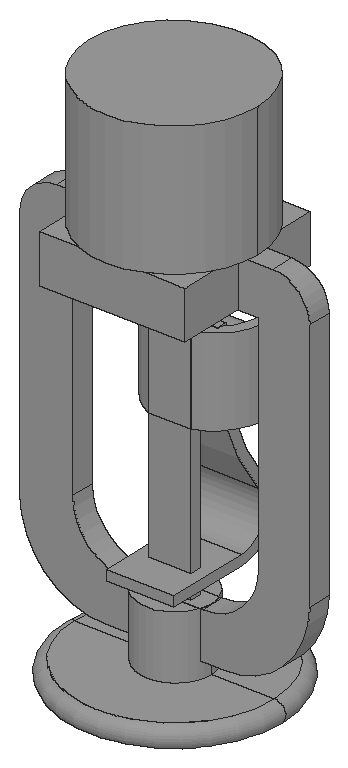
Revit family
Parameters (values of type "RASCO G PENDENT")
  Temperature Rating = 165 °F
  Response = (empty or 0)
  RASCO SIN # = "R1015"
  RASCO Part # = "GP1W"
  Pressure Rating = "175 PSI"
  Pressure Class = (empty or 0)
  Orifice Size = 1/2"
  Orifice = (empty or 0)
  Model = "G"
  Manufacturer = "RASCO"
  K-Factor = 5.62
  Description = "White Finish"
  Coverage = (empty or 0)
Reference planes (in)
  plane 1 "Center (Front/Back)": y = 0
  plane 2: z = 0
  plane 3 "Center (Left/Right)": x = 0
Dimensions and locks (in)
  aligned and locked: plane 2 to level
Nested families (in)
  nested 1: "GP1W" at (-0.0055, 0.29294, 2.875) x (-1, 0, 0) z (0, 0, -1), type "RASCO G PENDENT"
Connectors (in)
  piping at (-0.0055, 0.29294, 2.875)
    settings: on nested 1, index 1, connector radius 0.45", flow factor 0, pipe flow 0 GPM, pressure drop 0.00 psi, fitting loss kfactor 0, connector angle 0.00°, fixture units 0, flow configuration 0, flow direction 0, fitting loss method 0, system type 7, connector reference index -1, connector utility 0, adjustable connector no, is connector primary yes, fitting loss table "", connector description ""
Definition of nested family "GP1W"
  Parameters (values of type "RASCO G PENDENT")
    Type Comments = ""
    Temperature Rating = 0 °F
    Response = (empty or 0)
    Pressure Rating = "0"
    Pressure Class = (empty or 0)
    Orifice Size = 0"
    Orifice = (empty or 0)
    Model = ""
    Manufacturer = ""
    K-Factor = 0
    Description = ""
    Coverage = (empty or 0)
    Assembly Code = ""
  Reference planes (in)
    plane 1 "Center (Front/Back)": y = 0
    plane 2: z = 0
    plane 3 "ref.2": z = 0.6875
    plane 4 "ref.3": z = 0.9375
    plane 5: x = -0.38065
    plane 6: x = 0.36935
    plane 7 "ref. side 1": y = 0.06402
    plane 8 "ref. side 2": y = -0.06098
    plane 9 "ref.4": z = 1.875
    plane 10 "ref.5": z = 2.875
    plane 11 "center": x = -0.00574
  Forms (in)
    Extrusion 1, solid, material "Default"
      sketch origin (0, 0, 0) x (1, 0, 0) y (0, 1, 0)
        loop
          circle (0, 0) r 0.438
      from 0 to 0.6875
    Extrusion 2, solid, material "Default"
      sketch origin (-0.12185, 0.05177, 0.6875) x (1, 0, 0) y (0, 1, 0)
        loop
          line (-0.2588, 0.356) -> (-0.2588, -0.4565) -> (0.4912, -0.4565) -> (0.4912, 0.356) -> (-0.2588, 0.356)
      from 0 to 0.25
    Extrusion 3, solid, material "Default"
      sketch origin (0, 0, 0) x (1, 0, 0) y (0, 0, 1)
        loop
          line (-0.49248, 0.9375) -> (-0.49248, 2.10276)
          arc (-0.49248, 2.10276) -> (-0.40724, 2.30855) -> (-0.20145, 2.39379) r 0.29103
          line (-0.20145, 2.39379) -> (0.18108, 2.39379)
          arc (0.18108, 2.39379) -> (0.38905, 2.30765) -> (0.47519, 2.09969) r 0.29411
          line (0.47519, 2.09969) -> (0.47519, 0.9375) -> (0.36935, 0.9375) -> (0.36935, 0.6875) -> (0.55741, 0.6875)
          arc (0.55741, 0.6875) -> (0.69165, 0.7431) -> (0.74725, 0.87734) r 0.18984
          line (0.74725, 0.87734) -> (0.74725, 2.19113)
          arc (0.74725, 2.19113) -> (0.61669, 2.50631) -> (0.3015, 2.63687) r 0.44574
          line (0.3015, 2.63687) -> (-0.30719, 2.63687)
          arc (-0.30719, 2.63687) -> (-0.62225, 2.50637) -> (-0.75275, 2.19131) r 0.44556
          line (-0.75275, 2.19131) -> (-0.75275, 0.87876)
          arc (-0.75275, 0.87876) -> (-0.69673, 0.74352) -> (-0.56149, 0.6875) r 0.19126
          line (-0.56149, 0.6875) -> (-0.38065, 0.6875) -> (-0.38065, 0.9375) -> (-0.49248, 0.9375)
      from -0.06402 to 0.06098
    Extrusion 4, solid, material "Default"
      sketch origin (-0.00199, 0, 2.4375) x (-1, 0, 0) y (0, -1, 0)
        loop
          circle (0.00574, -0.00152) r 0.1875
      from -0.04371 to 0.4375
    Revolve 5, solid, material "Default"
      sketch origin (-0.0011, 0, 0.30638) x (1, 0, 0) y (0, 0, 1)
        loop
          line (-0.00574, 2.41507) -> (-0.00574, 2.52719) -> (-0.52401, 2.52719)
          arc (-0.52401, 2.52719) -> (-0.58007, 2.47113) -> (-0.52401, 2.41507) r 0.05606
          line (-0.52401, 2.41507) -> (-0.00574, 2.41507)
        axis (-0.00574, 2.41507) -> (-0.00574, 2.52719)
      angle from 0 to 360
    Extrusion 6, solid, material "Default"
      sketch origin (0, 0, 0.9375) x (-1, 0, 0) y (0, -1, 0)
        loop
          line (-0.10175, -0.02852) -> (0.11324, -0.02852) -> (0.11324, 0.03101) -> (-0.10175, 0.03101) -> (-0.10175, -0.02852)
      from 0 to 1.45629
    Extrusion 7, solid, material "Default"
      sketch origin (-0.00574, -0.0095, -0.07537) x (0, 0, -1) y (0, -1, 0)
        loop
          line (-2.39379, 0.21198) -> (-2.39379, -0.229)
          arc (-2.39379, -0.229) -> (-2.26956, -0.41579) -> (-2.04926, -0.37342) r 0.20254
          arc (-2.04926, -0.37342) -> (-1.6599, -0.16721) -> (-1.22163, -0.12207) r 1.15319
          line (-1.22163, -0.12207) -> (-1.22163, -0.07087)
          arc (-1.22163, -0.07087) -> (-1.6782, -0.11947) -> (-2.0834, -0.33544) r 1.20419
          arc (-2.0834, -0.33544) -> (-2.24878, -0.36919) -> (-2.34279, -0.229) r 0.15154
          line (-2.34279, -0.229) -> (-2.34279, 0.21198) -> (-2.39379, 0.21198)
      from -0.17255 to 0.17398
    Extrusion 8, solid, material "Default"
      sketch origin (0, 0, 0) x (1, 0, 0) y (0, 1, 0)
        loop
          arc (0.23993, 0.23051) -> (0.19768, 0.11115) -> (0.10175, 0.02852) r 0.24647
          line (0.10175, 0.02852) -> (-0.11324, 0.02852)
          arc (-0.11324, 0.02852) -> (-0.21767, 0.12447) -> (-0.25194, 0.2621) r 0.24647
          line (-0.25194, 0.2621) -> (-0.25194, 0.40777) -> (-0.30719, 0.40777) -> (-0.30719, 0.25942)
          arc (-0.30719, 0.25942) -> (-0.25653, 0.08328) -> (-0.11324, -0.03101) r 0.30157
          line (-0.11324, -0.03101) -> (0.10175, -0.03101)
          arc (0.10175, -0.03101) -> (0.24461, 0.08262) -> (0.29574, 0.25785) r 0.30157
          line (0.29574, 0.25785) -> (0.29574, 0.40777) -> (0.23993, 0.40777) -> (0.23993, 0.23051)
      from 1.14626 to 1.59756
    Extrusion 9, solid, material "Default"
      sketch origin (-0.00574, -0.0095, -0.07537) x (0, 0, -1) y (0, -1, 0)
        loop
          circle (-1.44728, -0.26892) r 0.13147
      from -0.24568 to 0.24619
  Cuts and joins
    joined: Extrusion 1, Extrusion 2, Revolve 5
  Dimensions and locks (in)
    plane 10 "ref.5" to level = 2.875"
